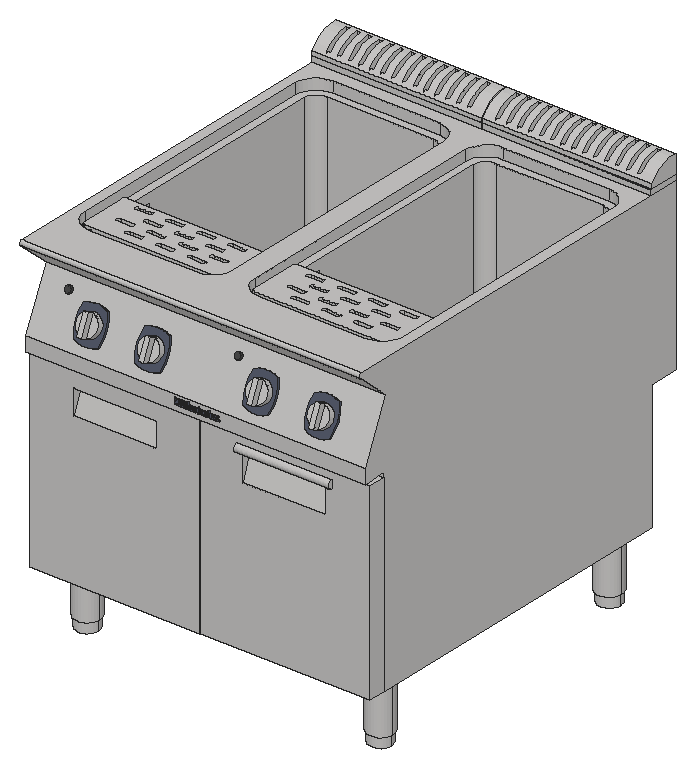
Revit family "QF_ELECTROLUXPROFESSIONAL_391204_E9PCEH2MF2", category Specialty Equipment, Revit 2018 (continued)
Lines and regions (mm)
  symbolic lines
    curve 230: line (549.171, -679.267, 0) -> (581.149, -679.267, 0)
    curve 231: arc (581.149, -679.267, 0) -> (586.149, -674.267, 0) -> (581.149, -669.267, 0) r 5
    curve 232: line (581.149, -669.267, 0) -> (549.171, -669.267, 0)
    curve 233: arc (549.171, -669.267, 0) -> (544.171, -674.267, 0) -> (549.171, -679.267, 0) r 5
    curve 234: line (507.815, -669.267, 0) -> (475.837, -669.267, 0)
    curve 235: arc (475.837, -669.267, 0) -> (470.837, -674.267, 0) -> (475.837, -679.267, 0) r 5
    curve 236: line (475.837, -679.267, 0) -> (507.815, -679.267, 0)
    curve 237: arc (507.815, -679.267, 0) -> (512.815, -674.267, 0) -> (507.815, -669.267, 0) r 5
    curve 238: line (506.26, -706.567, 0) -> (538.238, -706.567, 0)
    curve 239: arc (538.238, -706.567, 0) -> (543.238, -701.567, 0) -> (538.238, -696.567, 0) r 5
    curve 240: line (538.238, -696.567, 0) -> (506.26, -696.567, 0)
    curve 241: arc (506.26, -696.567, 0) -> (501.26, -701.567, 0) -> (506.26, -706.567, 0) r 5
    curve 242: line (507.815, -724.267, 0) -> (475.837, -724.267, 0)
    curve 243: arc (475.837, -724.267, 0) -> (470.837, -729.267, 0) -> (475.837, -734.267, 0) r 5
    curve 244: line (475.837, -734.267, 0) -> (507.815, -734.267, 0)
    curve 245: arc (507.815, -734.267, 0) -> (512.815, -729.267, 0) -> (507.815, -724.267, 0) r 5
    curve 246: line (538.238, -751.567, 0) -> (506.26, -751.567, 0)
    curve 247: arc (506.26, -751.567, 0) -> (501.26, -756.567, 0) -> (506.26, -761.567, 0) r 5
    curve 248: line (506.26, -761.567, 0) -> (538.238, -761.567, 0)
    curve 249: arc (538.238, -761.567, 0) -> (543.238, -756.567, 0) -> (538.238, -751.567, 0) r 5
    curve 250: line (581.149, -724.267, 0) -> (549.171, -724.267, 0)
    curve 251: arc (549.171, -724.267, 0) -> (544.171, -729.267, 0) -> (549.171, -734.267, 0) r 5
    curve 252: line (549.171, -734.267, 0) -> (581.149, -734.267, 0)
    curve 253: arc (581.149, -734.267, 0) -> (586.149, -729.267, 0) -> (581.149, -724.267, 0) r 5
    curve 254: line (579.593, -706.567, 0) -> (611.572, -706.567, 0)
    curve 255: arc (611.572, -706.567, 0) -> (616.572, -701.567, 0) -> (611.572, -696.567, 0) r 5
    curve 256: line (611.572, -696.567, 0) -> (579.593, -696.567, 0)
    curve 257: arc (579.593, -696.567, 0) -> (574.593, -701.567, 0) -> (579.593, -706.567, 0) r 5
    curve 258: line (652.927, -706.567, 0) -> (684.905, -706.567, 0)
    curve 259: arc (684.905, -706.567, 0) -> (689.905, -701.567, 0) -> (684.905, -696.567, 0) r 5
    curve 260: line (684.905, -696.567, 0) -> (652.927, -696.567, 0)
    curve 261: arc (652.927, -696.567, 0) -> (647.927, -701.567, 0) -> (652.927, -706.567, 0) r 5
    curve 262: line (727.815, -724.267, 0) -> (695.837, -724.267, 0)
    curve 263: arc (695.837, -724.267, 0) -> (690.837, -729.267, 0) -> (695.837, -734.267, 0) r 5
    curve 264: line (695.837, -734.267, 0) -> (727.815, -734.267, 0)
    curve 265: arc (727.815, -734.267, 0) -> (732.815, -729.267, 0) -> (727.815, -724.267, 0) r 5
    curve 266: line (622.504, -734.267, 0) -> (654.482, -734.267, 0)
    curve 267: arc (654.482, -734.267, 0) -> (659.482, -729.267, 0) -> (654.482, -724.267, 0) r 5
    curve 268: line (654.482, -724.267, 0) -> (622.504, -724.267, 0)
    curve 269: arc (622.504, -724.267, 0) -> (617.504, -729.267, 0) -> (622.504, -734.267, 0) r 5
    curve 270: line (684.905, -751.567, 0) -> (652.927, -751.567, 0)
    curve 271: arc (652.927, -751.567, 0) -> (647.927, -756.567, 0) -> (652.927, -761.567, 0) r 5
    curve 272: line (652.927, -761.567, 0) -> (684.905, -761.567, 0)
    curve 273: arc (684.905, -761.567, 0) -> (689.905, -756.567, 0) -> (684.905, -751.567, 0) r 5
    curve 274: line (611.572, -751.567, 0) -> (579.593, -751.567, 0)
    curve 275: arc (579.593, -751.567, 0) -> (574.593, -756.567, 0) -> (579.593, -761.567, 0) r 5
    curve 276: line (579.593, -761.567, 0) -> (611.572, -761.567, 0)
    curve 277: arc (611.572, -761.567, 0) -> (616.572, -756.567, 0) -> (611.572, -751.567, 0) r 5
    curve 278: line (75, -101.89, 0) -> (325, -101.89, 0)
    curve 279: arc (325, -101.89, 0) -> (360.355, -116.535, 0) -> (375, -151.89, 0) r 50
    curve 280: line (375, -151.89, 0) -> (375, -770, 0)
    curve 281: arc (375, -770, 0) -> (360.355, -805.355, 0) -> (325, -820, 0) r 50
    curve 282: line (325, -820, 0) -> (75, -820, 0)
    curve 283: arc (75, -820, 0) -> (39.645, -805.355, 0) -> (25, -770, 0) r 50
    curve 284: line (25, -770, 0) -> (25, -151.89, 0)
    curve 285: arc (25, -151.89, 0) -> (39.645, -116.535, 0) -> (75, -101.89, 0) r 50
    curve 286: line (475, -101.89, 0) -> (725, -101.89, 0)
    curve 287: arc (725, -101.89, 0) -> (760.355, -116.535, 0) -> (775, -151.89, 0) r 50
    curve 288: line (775, -151.89, 0) -> (775, -770, 0)
    curve 289: arc (775, -770, 0) -> (760.355, -805.355, 0) -> (725, -820, 0) r 50
    curve 290: line (725, -820, 0) -> (475, -820, 0)
    curve 291: arc (475, -820, 0) -> (439.645, -805.355, 0) -> (425, -770, 0) r 50
    curve 292: line (425, -770, 0) -> (425, -151.89, 0)
    curve 293: arc (425, -151.89, 0) -> (439.645, -116.535, 0) -> (475, -101.89, 0) r 50
  symbolic lines, style "QF_Door-Drawer Clearances"
    curve 12: arc (403.486, -930, 851) -> (428.46, -1028.108, 851) -> (476.754, -1117.084, 851) r 409.234
    curve 13: line (476.754, -1117.084, 851) -> (800.76, -930, 851)
    curve 14: arc (396.514, -930, 851) -> (371.609, -1027.931, 851) -> (323.468, -1116.774, 851) r 409.234
    curve 15: line (323.468, -1116.774, 851) -> (0, -930, 851)
Dimensions and locks
  equal spacing: plane 3 "LEFT", plane 7 "Center Y", plane 4 "RIGHT"
  "Width": plane 3 "LEFT" to plane 4 "RIGHT"
  equal spacing: plane 5 "FRONT", plane 8 "Center X", plane 1 "BACK"
  "Depth": plane 5 "FRONT" to plane 1 "BACK"
  plane 1 "BACK" to plane 5 "FRONT" = 930 mm
  "Base Height": plane 10 to level
  plane 10 to level = 150 mm
  plane 1 "BACK" to plane 11 = 126 mm
  plane 11 to plane 12 = 674 mm
  plane 5 "FRONT" to plane 1 "BACK" = 930 mm
  plane 4 "RIGHT" to plane 3 "LEFT" = 800 mm
  plane 12 to cut or joined group 1 (Extrusion 1, Extrusion 12, Extrusion 13, Extrusion 14, Extrusion 16, Extrusion 17, Extrusion 18, Extrusion 19, Extrusion 45) = 100 mm
  plane 5 "FRONT" to plane 13 = 358 mm
  curve 1 to plane 3 "LEFT" = 150.019 mm
  plane 4 "RIGHT" to curve 7 = 120 mm
  plane 1 "BACK" to curve 2 = 152 mm
  "Height": plane 9 "TOP A" to level
  plane 6 "TOP" to level = 908 mm
  Extrusion 35 to plane 1 "BACK" = 710 mm
  Extrusion 34 to plane 1 "BACK" = 592.7 mm
  Extrusion 37 to plane 1 "BACK" = 780 mm
  Extrusion 36 to plane 1 "BACK" = 630 mm
  Extrusion 34 to cut or joined group 1 = 12.7 mm
  Extrusion 36 to cut or joined group 1 = 12.7 mm
  plane 15 to plane 4 "RIGHT" = 55 mm
  plane 14 to plane 15 = 690 mm
  plane 14 to plane 3 "LEFT" = 55 mm
  plane 1 "BACK" to Extrusion 34 = 592.7 mm
  plane 9 "TOP A" to plane 10 = 701 mm
  plane 1 "BACK" to Extrusion 42 = 710 mm
  plane 1 "BACK" to Extrusion 36 = 630 mm
  plane 1 "BACK" to Extrusion 37 = 780 mm
  Extrusion 42 sketch curve to plane 1 "BACK" = 710 mm
  Extrusion 42 sketch curve to plane 4 "RIGHT" = 50 mm
  plane 3 "LEFT" to Extrusion 34 sketch curve = 90 mm
  Extrusion 34 sketch curve to plane 1 "BACK" = 592.7 mm
  plane 3 "LEFT" to Extrusion 35 sketch curve = 50 mm
  Extrusion 35 sketch curve to plane 1 "BACK" = 710 mm
  Extrusion 36 sketch curve to plane 4 "RIGHT" = 50 mm
  Extrusion 36 sketch curve to plane 1 "BACK" = 630 mm
  aligned and locked: level to plane 2
Automatic sketch dimensions
  plane 3 "LEFT" to curve 152 = 25 mm
  curve 151 to curve 150 = 10 mm
  curve 153 to curve 154 = 10 mm
  plane 14 to curve 200 = 17.185 mm
  plane 14 to curve 158 = 17.185 mm
  curve 158 to curve 161 = 31.978 mm
  curve 200 to curve 200 = 31.978 mm
  curve 199 to curve 209 = 10.932 mm
  curve 198 to curve 194 = 10.932 mm
  curve 206 to curve 202 = 30.423 mm
  curve 196 to curve 164 = 30.423 mm
  curve 203 to curve 206 = 1.555 mm
  curve 163 to curve 197 = 1.555 mm
  curve 203 to curve 205 = 31.978 mm
  curve 162 to curve 162 = 31.978 mm
  curve 205 to curve 210 = 10.932 mm
  curve 165 to curve 191 = 10.932 mm
  curve 192 to curve 167 = 30.423 mm
  curve 167 to curve 193 = 1.555 mm
  curve 189 to curve 210 = 1.555 mm
  curve 186 to curve 186 = 31.978 mm
  curve 166 to curve 166 = 31.978 mm
  curve 187 to curve 182 = 10.932 mm
  curve 186 to curve 175 = 10.932 mm
  curve 182 to curve 181 = 30.423 mm
  curve 176 to curve 170 = 30.423 mm
  curve 178 to curve 177 = 1.555 mm
  curve 181 to curve 182 = 1.555 mm
  curve 172 to curve 171 = 31.978 mm
  curve 178 to curve 178 = 31.978 mm
  curve 157 to plane 7 "Center Y" = 35 mm
  curve 157 to curve 156 = 10 mm
  plane 7 "Center Y" to curve 220 = 25 mm
  curve 220 to curve 221 = 10 mm
  curve 220 to curve 218 = 10 mm
  curve 221 to curve 236 = 40.837 mm
  curve 235 to curve 240 = 30.423 mm
  curve 243 to curve 246 = 30.423 mm
  curve 240 to curve 237 = 1.555 mm
  curve 241 to curve 242 = 1.555 mm
  curve 247 to curve 249 = 31.978 mm
  curve 240 to curve 240 = 31.978 mm
  curve 239 to curve 251 = 10.932 mm
  curve 240 to curve 230 = 10.932 mm
  curve 251 to curve 274 = 30.423 mm
  curve 233 to curve 257 = 30.423 mm
  curve 256 to curve 231 = 1.555 mm
  curve 257 to curve 253 = 1.555 mm
  curve 274 to curve 277 = 31.978 mm
  curve 256 to curve 229 = 10.932 mm
  curve 274 to curve 266 = 10.932 mm
  curve 268 to curve 261 = 30.423 mm
  curve 269 to curve 270 = 30.423 mm
  curve 261 to curve 268 = 1.555 mm
  curve 260 to curve 227 = 1.555 mm
  curve 270 to curve 270 = 31.978 mm
  curve 258 to curve 258 = 31.978 mm
  curve 260 to curve 225 = 10.932 mm
  curve 259 to curve 262 = 10.932 mm
  plane 15 to curve 265 = 17.185 mm
  plane 15 to curve 224 = 17.185 mm
  curve 215 to plane 15 = 20 mm
  curve 215 to curve 216 = 10 mm
  curve 185 to plane 12 = 38.433 mm
  curve 211 to plane 12 = 38.433 mm
  curve 273 to plane 12 = 38.433 mm
  curve 275 to plane 12 = 38.433 mm
  curve 209 to plane 12 = 38.433 mm
  curve 248 to curve 249 = 5 mm
  curve 276 to curve 277 = 5 mm
  curve 212 to curve 211 = 5 mm
  curve 208 to curve 207 = 5 mm
  curve 272 to curve 273 = 5 mm
  curve 184 to curve 185 = 5 mm
  curve 246 to curve 244 = 17.3 mm
  curve 246 to curve 251 = 17.3 mm
  curve 210 to curve 205 = 17.3 mm
  curve 210 to curve 189 = 17.3 mm
  curve 182 to curve 179 = 17.3 mm
  curve 270 to curve 263 = 17.3 mm
  curve 274 to curve 266 = 17.3 mm
  curve 200 to curve 201 = 5 mm
  curve 252 to curve 251 = 5 mm
  curve 188 to curve 187 = 5 mm
  curve 202 to curve 205 = 5 mm
  curve 180 to curve 181 = 5 mm
  curve 264 to curve 263 = 5 mm
  curve 266 to curve 269 = 5 mm
  curve 244 to curve 245 = 5 mm
  curve 250 to curve 254 = 17.7 mm
  curve 186 to curve 174 = 17.7 mm
  curve 198 to curve 194 = 17.7 mm
  curve 186 to curve 193 = 17.7 mm
  curve 250 to curve 239 = 17.7 mm
  curve 268 to curve 261 = 17.7 mm
  curve 238 to curve 239 = 5 mm
  curve 258 to curve 261 = 5 mm
  curve 174 to curve 175 = 5 mm
  curve 194 to curve 197 = 5 mm
  curve 190 to curve 191 = 5 mm
  curve 254 to curve 255 = 5 mm
  curve 240 to curve 230 = 17.3 mm
  curve 192 to curve 167 = 17.3 mm
  curve 192 to curve 165 = 17.3 mm
  curve 260 to curve 222 = 17.3 mm
  curve 256 to curve 226 = 17.3 mm
  curve 240 to curve 235 = 17.3 mm
  curve 196 to curve 158 = 17.3 mm
  curve 176 to curve 173 = 17.3 mm
  curve 172 to curve 173 = 5 mm
  curve 230 to curve 231 = 5 mm
  curve 166 to curve 167 = 5 mm
  curve 162 to curve 163 = 5 mm
  curve 226 to curve 229 = 5 mm
  curve 222 to curve 223 = 5 mm
  curve 158 to curve 161 = 5 mm
  curve 236 to curve 235 = 5 mm
  curve 170 to curve 156 = 3.756 mm
  curve 224 to curve 215 = 3.756 mm
  plane 5 "FRONT" to curve 13 = 0 mm
  curve 9 to plane 4 "RIGHT" = 0 mm
  plane 12 to curve 132 = 0 mm
  plane 5 "FRONT" to curve 12 = 0 mm
  curve 9 to plane 7 "Center Y" = 0 mm
  curve 10 to plane 7 "Center Y" = 0 mm
  plane 1 "BACK" to curve 6 = 0 mm
  curve 6 to plane 7 "Center Y" = 0 mm
  plane 12 to curve 142 = 0 mm
  curve 3 to plane 3 "LEFT" = 0 mm
  plane 4 "RIGHT" to curve 12 = 9.515 mm
  plane 4 "RIGHT" to curve 13 = 0.76 mm
  curve 75 to plane 15 = 25.297 mm
  curve 74 to curve 73 = 9.296 mm
  curve 130 to plane 15 = 10 mm
  plane 15 to curve 79 = 0.191 mm
  curve 76 to curve 76 = 9.296 mm
  plane 15 to curve 149 = 20 mm
  plane 15 to curve 131 = 20 mm
  curve 129 to plane 11 = 4.11 mm
  plane 15 to curve 129 = 20 mm
  curve 76 to curve 83 = 16.193 mm
  curve 82 to curve 81 = 9.296 mm
  curve 80 to curve 87 = 16.193 mm
  curve 86 to curve 85 = 9.296 mm
  plane 1 "BACK" to curve 91 = 6.761 mm
  curve 85 to curve 91 = 16.193 mm
  curve 88 to curve 89 = 9.296 mm
  plane 1 "BACK" to curve 95 = 6.761 mm
  curve 89 to curve 95 = 17.193 mm
  curve 94 to curve 94 = 9.296 mm
  plane 1 "BACK" to curve 99 = 6.761 mm
  curve 93 to curve 99 = 16.193 mm
  curve 98 to curve 98 = 9.296 mm
  plane 1 "BACK" to curve 103 = 6.761 mm
  curve 97 to curve 103 = 16.193 mm
  curve 102 to curve 102 = 9.296 mm
  plane 1 "BACK" to curve 106 = 6.761 mm
  curve 101 to curve 106 = 16.193 mm
  curve 104 to curve 105 = 9.296 mm
  curve 104 to curve 108 = 16.193 mm
  curve 110 to curve 110 = 9.296 mm
  plane 1 "BACK" to curve 115 = 6.761 mm
  curve 109 to curve 115 = 16.193 mm
  curve 114 to curve 114 = 9.296 mm
  plane 1 "BACK" to curve 119 = 6.761 mm
  curve 113 to curve 119 = 16.193 mm
  curve 118 to curve 118 = 9.296 mm
  plane 7 "Center Y" to curve 12 = 76.754 mm
  plane 7 "Center Y" to curve 148 = 75 mm
  plane 7 "Center Y" to curve 132 = 75 mm
  plane 11 to curve 135 = 25.89 mm
  plane 7 "Center Y" to curve 135 = 75 mm
  curve 116 to curve 120 = 16.193 mm
  curve 120 to curve 121 = 9.296 mm
  curve 120 to curve 127 = 16.193 mm
  curve 126 to curve 125 = 9.296 mm
  plane 7 "Center Y" to curve 12 = 3.486 mm
  curve 4 to curve 14 = 3.486 mm
  curve 68 to plane 7 "Center Y" = 29.653 mm
  curve 68 to curve 68 = 9.296 mm
  curve 139 to plane 7 "Center Y" = 45 mm
  curve 68 to curve 65 = 16.193 mm
  curve 64 to curve 67 = 9.296 mm
  curve 146 to curve 146 = 30 mm
  curve 139 to plane 11 = 4.11 mm
  curve 139 to curve 139 = 30 mm
  curve 140 to curve 142 = 30 mm
  curve 15 to plane 7 "Center Y" = 76.532 mm
  plane 1 "BACK" to curve 62 = 6.761 mm
  curve 66 to curve 62 = 16.193 mm
  curve 61 to curve 62 = 9.296 mm
  plane 1 "BACK" to curve 57 = 6.761 mm
  curve 62 to curve 57 = 16.193 mm
  curve 56 to curve 59 = 9.296 mm
  plane 1 "BACK" to curve 53 = 6.761 mm
  curve 58 to curve 53 = 16.193 mm
  curve 53 to curve 54 = 9.296 mm
  curve 52 to curve 48 = 16.193 mm
  curve 49 to curve 51 = 9.296 mm
  curve 48 to curve 45 = 16.193 mm
  curve 45 to curve 47 = 9.296 mm
  curve 44 to curve 41 = 16.193 mm
  curve 40 to curve 43 = 9.296 mm
  curve 40 to curve 37 = 16.193 mm
  curve 37 to curve 39 = 9.296 mm
  curve 36 to curve 33 = 16.193 mm
  curve 32 to curve 35 = 9.296 mm
  plane 1 "BACK" to curve 29 = 6.761 mm
  curve 34 to curve 29 = 16.193 mm
  curve 29 to curve 31 = 9.296 mm
  curve 28 to curve 24 = 16.193 mm
  curve 25 to curve 26 = 9.296 mm
  plane 14 to curve 145 = 20 mm
  plane 14 to curve 143 = 20 mm
  plane 14 to curve 138 = 20 mm
  plane 14 to curve 21 = 9.487 mm
  plane 14 to curve 23 = 0.191 mm
  curve 136 to plane 14 = 10 mm
  curve 17 to plane 14 = 16.001 mm
  curve 17 to curve 19 = 9.296 mm
  curve 14 to plane 3 "LEFT" = 9.515 mm
  plane 1 "BACK" to curve 123 = 6.761 mm
  plane 1 "BACK" to curve 125 = 6.761 mm
  plane 1 "BACK" to curve 111 = 6.761 mm
  plane 1 "BACK" to curve 17 = 6.761 mm
  plane 1 "BACK" to curve 21 = 6.761 mm
  plane 1 "BACK" to curve 25 = 6.761 mm
  plane 1 "BACK" to curve 33 = 6.761 mm
  plane 1 "BACK" to curve 87 = 6.761 mm
  plane 1 "BACK" to curve 37 = 6.761 mm
  plane 1 "BACK" to curve 83 = 6.761 mm
  plane 1 "BACK" to curve 41 = 6.761 mm
  plane 1 "BACK" to curve 79 = 6.761 mm
  plane 1 "BACK" to curve 45 = 6.761 mm
  plane 1 "BACK" to curve 75 = 6.761 mm
  plane 1 "BACK" to curve 49 = 6.761 mm
  plane 1 "BACK" to curve 71 = 6.761 mm
  plane 1 "BACK" to curve 67 = 6.761 mm
  curve 62 to curve 60 = 57.15 mm
  curve 59 to curve 60 = 0 mm
  curve 60 to curve 64 = 0 mm
  curve 55 to curve 56 = 0 mm
  curve 64 to curve 68 = 0 mm
  curve 51 to curve 52 = 0 mm
  curve 73 to curve 72 = 57.15 mm
  curve 47 to curve 48 = 0 mm
  curve 76 to curve 72 = 0 mm
  curve 43 to curve 44 = 0 mm
  curve 80 to curve 76 = 0 mm
  curve 39 to curve 40 = 0 mm
  curve 84 to curve 80 = 0 mm
  curve 35 to curve 36 = 0 mm
  curve 88 to curve 84 = 0 mm
  curve 31 to curve 32 = 0 mm
  curve 92 to curve 88 = 0 mm
  curve 27 to curve 28 = 0 mm
  curve 96 to curve 92 = 0 mm
  curve 23 to curve 24 = 0 mm
  curve 100 to curve 96 = 0 mm
  curve 19 to curve 20 = 0 mm
  curve 104 to curve 100 = 0 mm
  curve 126 to curve 127 = 57.15 mm
  curve 108 to curve 104 = 0 mm
  curve 124 to curve 123 = 0 mm
  curve 112 to curve 108 = 0 mm
  curve 119 to curve 112 = 0 mm
  curve 124 to curve 10 = 7.979 mm
  curve 149 to plane 8 "Center X" = 141.643 mm
  curve 146 to curve 148 = 0 mm
  curve 14 to plane 5 "FRONT" = 51.124 mm
  curve 12 to plane 5 "FRONT" = 51.124 mm
  plane 5 "FRONT" to curve 7 = 1.377 mm
  plane 5 "FRONT" to curve 1 = 1.377 mm
  Extrusion 1 sketch curve to plane 9 "TOP A" = 0 mm
  Extrusion 1 sketch curve to plane 10 = 0 mm  (x2)
  Extrusion 1 sketch curve to plane 1 "BACK" = 0 mm
  Extrusion 1 sketch curve to plane 11 = 56 mm
  plane 12 to Extrusion 1 sketch curve = 52.034 mm
  plane 12 to Extrusion 1 sketch curve = 58.773 mm
  Extrusion 1 sketch curve to Extrusion 1 sketch curve = 1.588 mm
  Extrusion 1 sketch curve to plane 5 "FRONT" = 30 mm
  Extrusion 1 sketch curve to plane 5 "FRONT" = 17.855 mm
  Extrusion 1 sketch curve to plane 5 "FRONT" = 6.35 mm
  Extrusion 1 sketch curve to plane 5 "FRONT" = 1.86 mm
  plane 10 to Extrusion 1 sketch curve = 301.762 mm
  Extrusion 1 sketch curve to plane 9 "TOP A" = 249.238 mm
  Extrusion 1 sketch curve to Extrusion 1 sketch curve = 7.09 mm
  Extrusion 1 sketch curve to Extrusion 1 sketch curve = 12.7 mm
  Extrusion 1 sketch curve to Extrusion 1 sketch curve = 34.039 mm
  Extrusion 1 sketch curve to plane 9 "TOP A" = 77.505 mm
  Extrusion 1 sketch curve to plane 9 "TOP A" = 10.84 mm
  plane 5 "FRONT" to Extrusion 2 sketch curve = 0 mm  (x2)
  plane 1 "BACK" to Extrusion 2 sketch curve = 0 mm
  Extrusion 2 sketch curve to plane 3 "LEFT" = 0 mm
  Extrusion 2 sketch curve to plane 4 "RIGHT" = 0 mm
  Extrusion 2 sketch curve to plane 3 "LEFT" = 150.019 mm
  plane 4 "RIGHT" to Extrusion 2 sketch curve = 120 mm
  Extrusion 2 sketch curve to plane 1 "BACK" = 152 mm
  Extrusion 3 sketch curve to plane 3 "LEFT" = 0 mm
  Extrusion 3 sketch curve to plane 13 = 0 mm
  Extrusion 3 sketch curve to plane 3 "LEFT" = 9.515 mm
  Extrusion 3 sketch curve to plane 7 "Center Y" = 0.826 mm
  Extrusion 3 sketch curve to plane 5 "FRONT" = 30 mm
  Extrusion 4 sketch curve to plane 4 "RIGHT" = 0 mm
  Extrusion 4 sketch curve to plane 13 = 0 mm
  plane 4 "RIGHT" to Extrusion 4 sketch curve = 9.515 mm
  plane 7 "Center Y" to Extrusion 4 sketch curve = 0.826 mm
  Extrusion 4 sketch curve to plane 5 "FRONT" = 30 mm
  Extrusion 5 sketch curve to Extrusion 1 = 8.846 mm
  Extrusion 5 sketch curve to Extrusion 1 = 13.887 mm
  Extrusion 5 sketch curve to Extrusion 1 = 13.906 mm
  Extrusion 5 sketch curve to Extrusion 5 sketch curve = 0 mm  (x28)
  Extrusion 5 sketch curve to Extrusion 5 sketch curve = 5.108 mm
  Extrusion 5 sketch curve to Extrusion 5 sketch curve = 0.054 mm
  Extrusion 5 sketch curve to Extrusion 5 sketch curve = 0.218 mm
  Extrusion 5 sketch curve to Extrusion 5 sketch curve = 0.195 mm
  Extrusion 5 sketch curve to Extrusion 5 sketch curve = 0.249 mm
  Extrusion 5 sketch curve to Extrusion 1 = 14.203 mm
  Extrusion 5 sketch curve to Extrusion 5 sketch curve = 0.087 mm
  Extrusion 5 sketch curve to Extrusion 5 sketch curve = 0.358 mm
  Extrusion 5 sketch curve to Extrusion 5 sketch curve = 0.481 mm
  Extrusion 5 sketch curve to Extrusion 5 sketch curve = 0.597 mm
  Extrusion 5 sketch curve to Extrusion 5 sketch curve = 0.544 mm
  Extrusion 5 sketch curve to Extrusion 5 sketch curve = 0.936 mm
  Extrusion 5 sketch curve to Extrusion 5 sketch curve = 0.594 mm
  Extrusion 5 sketch curve to Extrusion 5 sketch curve = 0.343 mm
  Extrusion 5 sketch curve to Extrusion 5 sketch curve = 0.159 mm
  Extrusion 5 sketch curve to Extrusion 5 sketch curve = 0.826 mm
  Extrusion 5 sketch curve to Extrusion 5 sketch curve = 0.839 mm
  Extrusion 5 sketch curve to Extrusion 5 sketch curve = 0.852 mm
  Extrusion 5 sketch curve to Extrusion 5 sketch curve = 0.887 mm
  Extrusion 5 sketch curve to Extrusion 5 sketch curve = 0.928 mm
  Extrusion 5 sketch curve to Extrusion 5 sketch curve = 0.938 mm
  Extrusion 5 sketch curve to Extrusion 5 sketch curve = 0.444 mm
  Extrusion 5 sketch curve to Extrusion 5 sketch curve = 1.11 mm  (x3)
  Extrusion 5 sketch curve to Extrusion 5 sketch curve = 0.215 mm
  Extrusion 5 sketch curve to Extrusion 5 sketch curve = 1.43 mm
  Extrusion 5 sketch curve to Extrusion 5 sketch curve = 1.188 mm
  Extrusion 5 sketch curve to Extrusion 5 sketch curve = 1.21 mm  (x2)
  Extrusion 5 sketch curve to Extrusion 5 sketch curve = 0.503 mm
  Extrusion 5 sketch curve to Extrusion 5 sketch curve = 0.488 mm
  Extrusion 5 sketch curve to Extrusion 5 sketch curve = 0.462 mm
  Extrusion 5 sketch curve to Extrusion 5 sketch curve = 1.386 mm
  Extrusion 5 sketch curve to Extrusion 5 sketch curve = 1.742 mm  (x2)
  Extrusion 5 sketch curve to Extrusion 5 sketch curve = 0.821 mm
  Extrusion 5 sketch curve to Extrusion 5 sketch curve = 0.497 mm
  Extrusion 5 sketch curve to Extrusion 5 sketch curve = 0.539 mm
  Extrusion 5 sketch curve to Extrusion 5 sketch curve = 0.199 mm
  Extrusion 5 sketch curve to Extrusion 5 sketch curve = 0.408 mm
  Extrusion 5 sketch curve to Extrusion 5 sketch curve = 0.528 mm
  Extrusion 5 sketch curve to Extrusion 5 sketch curve = 1.16 mm
  Extrusion 5 sketch curve to Extrusion 5 sketch curve = 0.329 mm
  Extrusion 5 sketch curve to Extrusion 5 sketch curve = 1.054 mm
  Extrusion 5 sketch curve to Extrusion 5 sketch curve = 1.056 mm
  Extrusion 5 sketch curve to Extrusion 5 sketch curve = 0.129 mm
  Extrusion 5 sketch curve to Extrusion 5 sketch curve = 0.489 mm
  Extrusion 5 sketch curve to Extrusion 5 sketch curve = 0.441 mm
  Extrusion 5 sketch curve to Extrusion 5 sketch curve = 1.151 mm
  Extrusion 5 sketch curve to Extrusion 5 sketch curve = 1.141 mm  (x2)
  Extrusion 5 sketch curve to Extrusion 5 sketch curve = 0.768 mm
  Extrusion 5 sketch curve to Extrusion 5 sketch curve = 1.653 mm
  Extrusion 5 sketch curve to Extrusion 5 sketch curve = 0.499 mm
  Extrusion 5 sketch curve to Extrusion 5 sketch curve = 0.964 mm
  Extrusion 5 sketch curve to Extrusion 5 sketch curve = 0.949 mm
  Extrusion 5 sketch curve to Extrusion 5 sketch curve = 1.345 mm  (x3)
  Extrusion 5 sketch curve to Extrusion 5 sketch curve = 1.101 mm
  Extrusion 5 sketch curve to Extrusion 5 sketch curve = 0.432 mm
  Extrusion 5 sketch curve to Extrusion 5 sketch curve = 1.142 mm
  Extrusion 5 sketch curve to Extrusion 5 sketch curve = 0.959 mm
  Extrusion 5 sketch curve to Extrusion 5 sketch curve = 0.176 mm
  Extrusion 5 sketch curve to Extrusion 5 sketch curve = 0.728 mm
  Extrusion 5 sketch curve to Extrusion 5 sketch curve = 3.375 mm  (x2)
  Extrusion 5 sketch curve to Extrusion 5 sketch curve = 0.541 mm
  Extrusion 5 sketch curve to Extrusion 5 sketch curve = 0.955 mm
  Extrusion 5 sketch curve to Extrusion 5 sketch curve = 1.251 mm
  Extrusion 5 sketch curve to Extrusion 5 sketch curve = 0.572 mm
  Extrusion 5 sketch curve to Extrusion 5 sketch curve = 1.92 mm
  Extrusion 5 sketch curve to Extrusion 5 sketch curve = 1.224 mm
  Extrusion 5 sketch curve to Extrusion 5 sketch curve = 0.745 mm
  Extrusion 5 sketch curve to Extrusion 5 sketch curve = 2.537 mm
  Extrusion 5 sketch curve to Extrusion 5 sketch curve = 0.896 mm  (x3)
  Extrusion 5 sketch curve to Extrusion 5 sketch curve = 0.036 mm
  Extrusion 5 sketch curve to Extrusion 5 sketch curve = 2.607 mm
  Extrusion 5 sketch curve to Extrusion 5 sketch curve = 0.066 mm
  Extrusion 5 sketch curve to Extrusion 5 sketch curve = 0.248 mm
  Extrusion 5 sketch curve to Extrusion 5 sketch curve = 0.449 mm
  Extrusion 5 sketch curve to Extrusion 5 sketch curve = 1.052 mm
  Extrusion 5 sketch curve to Extrusion 5 sketch curve = 1.863 mm
  Extrusion 5 sketch curve to Extrusion 5 sketch curve = 1.31 mm  (x2)
  Extrusion 5 sketch curve to Extrusion 5 sketch curve = 0.901 mm
  Extrusion 5 sketch curve to Extrusion 5 sketch curve = 1.107 mm
  Extrusion 5 sketch curve to Extrusion 5 sketch curve = 2.122 mm
  Extrusion 5 sketch curve to Extrusion 5 sketch curve = 2.101 mm
  Extrusion 5 sketch curve to Extrusion 5 sketch curve = 0.106 mm
  Extrusion 5 sketch curve to Extrusion 5 sketch curve = 0.029 mm
  Extrusion 5 sketch curve to Extrusion 5 sketch curve = 2.09 mm
  Extrusion 5 sketch curve to Extrusion 5 sketch curve = 1.279 mm
  Extrusion 5 sketch curve to Extrusion 5 sketch curve = 2.008 mm
  Extrusion 5 sketch curve to Extrusion 5 sketch curve = 0.738 mm
  Extrusion 5 sketch curve to Extrusion 5 sketch curve = 0.382 mm
  Extrusion 5 sketch curve to Extrusion 5 sketch curve = 0.384 mm
  Extrusion 5 sketch curve to Extrusion 5 sketch curve = 0.002 mm
  Extrusion 5 sketch curve to Extrusion 5 sketch curve = 0.561 mm
  Extrusion 5 sketch curve to Extrusion 5 sketch curve = 0.592 mm
  Extrusion 5 sketch curve to Extrusion 5 sketch curve = 2.692 mm
  Extrusion 5 sketch curve to Extrusion 5 sketch curve = 1.259 mm
  Extrusion 5 sketch curve to Extrusion 5 sketch curve = 0.802 mm
  Extrusion 5 sketch curve to Extrusion 5 sketch curve = 1.024 mm  (x2)
  Extrusion 5 sketch curve to Extrusion 5 sketch curve = 0.682 mm
  Extrusion 5 sketch curve to Extrusion 5 sketch curve = 5.934 mm
  Extrusion 5 sketch curve to Extrusion 5 sketch curve = 2.186 mm
  Extrusion 5 sketch curve to Extrusion 5 sketch curve = 0.337 mm
  Extrusion 5 sketch curve to Extrusion 5 sketch curve = 0.021 mm
  Extrusion 5 sketch curve to Extrusion 5 sketch curve = 1.005 mm
  Extrusion 5 sketch curve to Extrusion 5 sketch curve = 0.552 mm
  Extrusion 5 sketch curve to Extrusion 5 sketch curve = 0.778 mm
  Extrusion 5 sketch curve to Extrusion 5 sketch curve = 0.063 mm
  Extrusion 5 sketch curve to Extrusion 5 sketch curve = 1.023 mm
  Extrusion 5 sketch curve to Extrusion 5 sketch curve = 3.804 mm
  Extrusion 5 sketch curve to Extrusion 5 sketch curve = 0.486 mm
  Extrusion 5 sketch curve to Extrusion 5 sketch curve = 0.266 mm
  Extrusion 5 sketch curve to Extrusion 5 sketch curve = 1.547 mm
  Extrusion 5 sketch curve to Extrusion 5 sketch curve = 0.717 mm  (x2)
  Extrusion 5 sketch curve to Extrusion 5 sketch curve = 1.667 mm
  Extrusion 5 sketch curve to Extrusion 5 sketch curve = 3.174 mm
  Extrusion 5 sketch curve to Extrusion 5 sketch curve = 0.388 mm
  Extrusion 5 sketch curve to Extrusion 5 sketch curve = 1.342 mm
  Extrusion 5 sketch curve to Extrusion 5 sketch curve = 1.521 mm
  Extrusion 5 sketch curve to Extrusion 5 sketch curve = 0.124 mm
  Extrusion 5 sketch curve to Extrusion 5 sketch curve = 0.291 mm
  Extrusion 5 sketch curve to Extrusion 5 sketch curve = 1.049 mm  (x2)
  Extrusion 5 sketch curve to Extrusion 5 sketch curve = 1.7 mm
  Extrusion 5 sketch curve to Extrusion 5 sketch curve = 0.894 mm
  Extrusion 5 sketch curve to Extrusion 5 sketch curve = 0.989 mm
  Extrusion 5 sketch curve to Extrusion 5 sketch curve = 1.168 mm
  Extrusion 5 sketch curve to Extrusion 5 sketch curve = 1.594 mm
  Extrusion 5 sketch curve to Extrusion 5 sketch curve = 0.731 mm
  Extrusion 5 sketch curve to Extrusion 5 sketch curve = 1.566 mm
  Extrusion 5 sketch curve to Extrusion 5 sketch curve = 0.064 mm
  Extrusion 5 sketch curve to Extrusion 5 sketch curve = 0.556 mm  (x2)
  Extrusion 5 sketch curve to Extrusion 5 sketch curve = 0.48 mm
  Extrusion 5 sketch curve to Extrusion 5 sketch curve = 1.018 mm
  Extrusion 5 sketch curve to Extrusion 5 sketch curve = 0.787 mm
  Extrusion 5 sketch curve to Extrusion 5 sketch curve = 0.618 mm
  Extrusion 5 sketch curve to Extrusion 5 sketch curve = 1.672 mm
  Extrusion 5 sketch curve to Extrusion 5 sketch curve = 1.361 mm
  Extrusion 5 sketch curve to Extrusion 5 sketch curve = 0.822 mm
  Extrusion 5 sketch curve to Extrusion 5 sketch curve = 0.069 mm
  Extrusion 5 sketch curve to Extrusion 5 sketch curve = 1.88 mm
  Extrusion 5 sketch curve to Extrusion 5 sketch curve = 0.42 mm
  Extrusion 5 sketch curve to Extrusion 5 sketch curve = 0.062 mm
  Extrusion 5 sketch curve to Extrusion 5 sketch curve = 1.355 mm
  Extrusion 5 sketch curve to Extrusion 5 sketch curve = 2.34 mm
  Extrusion 5 sketch curve to Extrusion 5 sketch curve = 0.493 mm
  Extrusion 5 sketch curve to Extrusion 5 sketch curve = 0.136 mm
  Extrusion 5 sketch curve to Extrusion 5 sketch curve = 0.128 mm
  Extrusion 5 sketch curve to Extrusion 5 sketch curve = 3.616 mm
  Extrusion 5 sketch curve to Extrusion 5 sketch curve = 4.207 mm
  Extrusion 5 sketch curve to Extrusion 5 sketch curve = 0.183 mm
  Extrusion 5 sketch curve to Extrusion 5 sketch curve = 0.895 mm
  Extrusion 5 sketch curve to Extrusion 5 sketch curve = 1.314 mm
  Extrusion 5 sketch curve to Extrusion 5 sketch curve = 3.231 mm
  Extrusion 5 sketch curve to Extrusion 5 sketch curve = 1.299 mm
  Extrusion 5 sketch curve to Extrusion 5 sketch curve = 1.214 mm
  Extrusion 5 sketch curve to Extrusion 5 sketch curve = 1.264 mm
  Extrusion 5 sketch curve to Extrusion 5 sketch curve = 0.109 mm
  Extrusion 5 sketch curve to Extrusion 5 sketch curve = 0.357 mm
  Extrusion 5 sketch curve to Extrusion 5 sketch curve = 0.565 mm
  Extrusion 5 sketch curve to Extrusion 5 sketch curve = 2.504 mm
  Extrusion 5 sketch curve to Extrusion 5 sketch curve = 2.459 mm
  Extrusion 1 to Extrusion 5 sketch curve = 5.127 mm
  Extrusion 1 to Extrusion 5 sketch curve = 343.464 mm
  Extrusion 5 sketch curve to Extrusion 5 sketch curve = 0.208 mm
  Extrusion 5 sketch curve to Extrusion 5 sketch curve = 0.468 mm  (x2)
  Extrusion 5 sketch curve to Extrusion 5 sketch curve = 1.559 mm
  Extrusion 5 sketch curve to Extrusion 5 sketch curve = 0.422 mm  (x2)
  Extrusion 5 sketch curve to Extrusion 5 sketch curve = 0.494 mm
  Extrusion 5 sketch curve to Extrusion 5 sketch curve = 3.927 mm
  Extrusion 5 sketch curve to Extrusion 5 sketch curve = 0.782 mm
  Extrusion 5 sketch curve to Extrusion 5 sketch curve = 1.268 mm
  Extrusion 5 sketch curve to Extrusion 5 sketch curve = 0.671 mm
  Extrusion 5 sketch curve to Extrusion 5 sketch curve = 0.777 mm
  Extrusion 5 sketch curve to Extrusion 5 sketch curve = 0.704 mm
  Extrusion 5 sketch curve to Extrusion 5 sketch curve = 0.781 mm  (x2)
  Extrusion 5 sketch curve to Extrusion 5 sketch curve = 1.634 mm
  Extrusion 5 sketch curve to Extrusion 5 sketch curve = 0.132 mm
  Extrusion 5 sketch curve to Extrusion 5 sketch curve = 3.136 mm
  Extrusion 5 sketch curve to Extrusion 5 sketch curve = 2.422 mm
  Extrusion 5 sketch curve to Extrusion 5 sketch curve = 0.586 mm
  Extrusion 5 sketch curve to Extrusion 5 sketch curve = 2.046 mm  (x2)
  Extrusion 5 sketch curve to Extrusion 5 sketch curve = 1.241 mm
  Extrusion 5 sketch curve to Extrusion 5 sketch curve = 1.689 mm
  Extrusion 5 sketch curve to Extrusion 5 sketch curve = 2.859 mm
  Extrusion 5 sketch curve to Extrusion 5 sketch curve = 0.627 mm
  Extrusion 5 sketch curve to Extrusion 5 sketch curve = 0.863 mm
  Extrusion 5 sketch curve to Extrusion 5 sketch curve = 0.419 mm
  Extrusion 5 sketch curve to Extrusion 5 sketch curve = 1.514 mm
  Extrusion 5 sketch curve to Extrusion 5 sketch curve = 1.019 mm
  Extrusion 5 sketch curve to Extrusion 5 sketch curve = 0.065 mm
  Extrusion 5 sketch curve to Extrusion 5 sketch curve = 1.215 mm
  Extrusion 5 sketch curve to Extrusion 5 sketch curve = 2.708 mm
  Extrusion 5 sketch curve to Extrusion 5 sketch curve = 1.122 mm
  Extrusion 5 sketch curve to Extrusion 5 sketch curve = 1.153 mm
  Extrusion 5 sketch curve to Extrusion 5 sketch curve = 3.009 mm
  Extrusion 5 sketch curve to Extrusion 5 sketch curve = 0.829 mm  (x2)
  Extrusion 5 sketch curve to Extrusion 5 sketch curve = 0.934 mm
  Extrusion 5 sketch curve to Extrusion 5 sketch curve = 3.376 mm
  Extrusion 5 sketch curve to Extrusion 5 sketch curve = 0.222 mm
  Extrusion 5 sketch curve to Extrusion 5 sketch curve = 1.383 mm
  Extrusion 5 sketch curve to Extrusion 5 sketch curve = 1.556 mm
  Extrusion 5 sketch curve to Extrusion 5 sketch curve = 2.559 mm
  Extrusion 5 sketch curve to Extrusion 5 sketch curve = 2.51 mm
  Extrusion 5 sketch curve to Extrusion 5 sketch curve = 0.131 mm
  Extrusion 5 sketch curve to Extrusion 5 sketch curve = 1.717 mm
  Extrusion 5 sketch curve to Extrusion 5 sketch curve = 1.134 mm
  Extrusion 5 sketch curve to Extrusion 5 sketch curve = 0.366 mm
  Extrusion 5 sketch curve to Extrusion 5 sketch curve = 0.094 mm
  Extrusion 5 sketch curve to Extrusion 5 sketch curve = 1.584 mm
  Extrusion 5 sketch curve to Extrusion 5 sketch curve = 1.501 mm
  Extrusion 5 sketch curve to Extrusion 5 sketch curve = 0.27 mm
  Extrusion 5 sketch curve to Extrusion 5 sketch curve = 1.808 mm
  Extrusion 5 sketch curve to Extrusion 5 sketch curve = 0.643 mm
  Extrusion 5 sketch curve to Extrusion 5 sketch curve = 0.916 mm
  Extrusion 5 sketch curve to Extrusion 5 sketch curve = 0.352 mm
  Extrusion 5 sketch curve to Extrusion 5 sketch curve = 0.458 mm
  Extrusion 5 sketch curve to Extrusion 5 sketch curve = 1.282 mm
  Extrusion 5 sketch curve to Extrusion 5 sketch curve = 1.363 mm
  Extrusion 5 sketch curve to Extrusion 5 sketch curve = 0.685 mm
  Extrusion 5 sketch curve to Extrusion 5 sketch curve = 0.905 mm
  Extrusion 5 sketch curve to Extrusion 5 sketch curve = 2.865 mm
  Extrusion 5 sketch curve to Extrusion 5 sketch curve = 0.472 mm
  Extrusion 5 sketch curve to Extrusion 5 sketch curve = 0.101 mm
  Extrusion 5 sketch curve to Extrusion 5 sketch curve = 0.54 mm
  Extrusion 5 sketch curve to Extrusion 5 sketch curve = 0.02 mm
  Extrusion 5 sketch curve to Extrusion 5 sketch curve = 0.582 mm
  Extrusion 5 sketch curve to Extrusion 5 sketch curve = 0.166 mm
  Extrusion 5 sketch curve to Extrusion 5 sketch curve = 0.16 mm
  Extrusion 5 sketch curve to Extrusion 5 sketch curve = 2.781 mm
  Extrusion 5 sketch curve to Extrusion 5 sketch curve = 1.118 mm
  Extrusion 5 sketch curve to Extrusion 5 sketch curve = 0.613 mm
  Extrusion 5 sketch curve to Extrusion 5 sketch curve = 0.361 mm
  Extrusion 5 sketch curve to Extrusion 5 sketch curve = 0.897 mm
  Extrusion 5 sketch curve to Extrusion 5 sketch curve = 0.167 mm
  Extrusion 5 sketch curve to Extrusion 5 sketch curve = 0.292 mm
  Extrusion 5 sketch curve to Extrusion 5 sketch curve = 0.305 mm
  Extrusion 5 sketch curve to Extrusion 5 sketch curve = 1.557 mm
  Extrusion 5 sketch curve to Extrusion 5 sketch curve = 2.499 mm
  Extrusion 5 sketch curve to Extrusion 5 sketch curve = 3.062 mm
  Extrusion 5 sketch curve to Extrusion 5 sketch curve = 2.968 mm
  Extrusion 5 sketch curve to Extrusion 5 sketch curve = 5.044 mm
  Extrusion 5 sketch curve to Extrusion 5 sketch curve = 0.629 mm  (x2)
  Extrusion 5 sketch curve to Extrusion 5 sketch curve = 1.131 mm
  Extrusion 5 sketch curve to Extrusion 5 sketch curve = 0.137 mm
  Extrusion 5 sketch curve to Extrusion 5 sketch curve = 0.027 mm
  Extrusion 5 sketch curve to Extrusion 5 sketch curve = 2.235 mm
  Extrusion 6 sketch curve to plane 9 "TOP A" = 0 mm
  Extrusion 6 sketch curve to plane 1 "BACK" = 0 mm
  plane 9 "TOP A" to Extrusion 6 sketch curve = 12.9 mm
  Extrusion 6 sketch curve to plane 11 = 54.11 mm
  Extrusion 7 sketch curve to plane 1 "BACK" = 0 mm
  Extrusion 7 sketch curve to plane 6 "TOP" = 0 mm
  plane 1 "BACK" to Extrusion 7 sketch curve = 4.947 mm
  plane 9 "TOP A" to Extrusion 7 sketch curve = 23.3 mm
  plane 1 "BACK" to Extrusion 7 sketch curve = 69.85 mm
  plane 9 "TOP A" to Extrusion 7 sketch curve = 12.9 mm
  plane 1 "BACK" to Extrusion 8 sketch curve = 6.761 mm  (x14)
  Extrusion 8 sketch curve to Extrusion 8 sketch curve = 57.15 mm
  Extrusion 8 sketch curve to Extrusion 8 sketch curve = 0 mm  (x13)
  Extrusion 8 sketch curve to plane 14 = 25.297 mm
  Extrusion 8 sketch curve to Extrusion 8 sketch curve = 9.296 mm  (x14)
  plane 14 to Extrusion 8 sketch curve = 0.191 mm
  Extrusion 8 sketch curve to Extrusion 8 sketch curve = 16.193 mm  (x12)
  Extrusion 9 sketch curve to plane 9 "TOP A" = 0 mm
  Extrusion 9 sketch curve to plane 1 "BACK" = 0 mm
  plane 9 "TOP A" to Extrusion 9 sketch curve = 12.9 mm
  Extrusion 9 sketch curve to plane 11 = 54.11 mm
  Extrusion 10 sketch curve to plane 1 "BACK" = 0 mm
  Extrusion 10 sketch curve to plane 6 "TOP" = 0 mm
  plane 1 "BACK" to Extrusion 10 sketch curve = 4.947 mm
  plane 9 "TOP A" to Extrusion 10 sketch curve = 23.3 mm
  plane 1 "BACK" to Extrusion 10 sketch curve = 69.85 mm
  plane 9 "TOP A" to Extrusion 10 sketch curve = 12.9 mm
  plane 1 "BACK" to Extrusion 11 sketch curve = 6.761 mm  (x14)
  Extrusion 11 sketch curve to Extrusion 11 sketch curve = 57.15 mm
  Extrusion 11 sketch curve to Extrusion 11 sketch curve = 0 mm  (x13)
  plane 7 "Center Y" to Extrusion 11 sketch curve = 28.653 mm
  Extrusion 11 sketch curve to Extrusion 11 sketch curve = 9.296 mm  (x13)
  Extrusion 11 sketch curve to Extrusion 11 sketch curve = 16.193 mm  (x11)
  plane 15 to Extrusion 11 sketch curve = 9.487 mm
  plane 15 to Extrusion 11 sketch curve = 0.191 mm
  Extrusion 11 sketch curve to plane 15 = 16.001 mm
  Extrusion 12 sketch curve to Extrusion 1 = 0 mm  (x2)
  Extrusion 1 to Extrusion 12 sketch curve = 399.088 mm
  Extrusion 12 sketch curve to Extrusion 12 sketch curve = 1.825 mm
  Extrusion 13 sketch curve to plane 5 "FRONT" = 30 mm
  Extrusion 13 sketch curve to Extrusion 13 sketch curve = 21.813 mm
  Extrusion 13 sketch curve to plane 9 "TOP A" = 346.668 mm
  Extrusion 13 sketch curve to Extrusion 13 sketch curve = 59.93 mm
  Extrusion 14 sketch curve to plane 5 "FRONT" = 30 mm
  Extrusion 14 sketch curve to Extrusion 14 sketch curve = 21.813 mm
  Extrusion 14 sketch curve to plane 9 "TOP A" = 286.738 mm
  Extrusion 14 sketch curve to Extrusion 14 sketch curve = 59.93 mm
  Extrusion 15 sketch curve to plane 5 "FRONT" = 30 mm
  Extrusion 15 sketch curve to plane 9 "TOP A" = 266.833 mm
  Extrusion 15 sketch curve to Extrusion 15 sketch curve = 9.905 mm
  plane 12 to Extrusion 16 sketch curve = 0 mm
  Extrusion 16 sketch curve to plane 14 = 10 mm
  Extrusion 16 sketch curve to Extrusion 16 sketch curve = 0 mm  (x4)
  plane 14 to Extrusion 16 sketch curve = 20 mm  (x2)
  Extrusion 16 sketch curve to plane 7 "Center Y" = 75 mm  (x2)
  Extrusion 16 sketch curve to Extrusion 16 sketch curve = 30 mm
  Extrusion 16 sketch curve to Extrusion 16 sketch curve = 133.357 mm
  Extrusion 17 sketch curve to plane 12 = 163.357 mm
  Extrusion 17 sketch curve to Extrusion 17 sketch curve = 30 mm  (x2)
  plane 11 to Extrusion 17 sketch curve = 25.89 mm  (x2)
  Extrusion 17 sketch curve to plane 11 = 4.11 mm
  Extrusion 17 sketch curve to plane 7 "Center Y" = 45 mm
  plane 14 to Extrusion 17 sketch curve = 20 mm
  plane 12 to Extrusion 18 sketch curve = 0 mm
  Extrusion 18 sketch curve to plane 15 = 10 mm
  Extrusion 18 sketch curve to Extrusion 18 sketch curve = 0 mm  (x4)
  plane 15 to Extrusion 18 sketch curve = 20 mm  (x2)
  plane 7 "Center Y" to Extrusion 18 sketch curve = 75 mm  (x2)
  Extrusion 18 sketch curve to Extrusion 18 sketch curve = 30 mm
  Extrusion 18 sketch curve to Extrusion 18 sketch curve = 133.357 mm
  Extrusion 19 sketch curve to plane 11 = 4.11 mm
  plane 15 to Extrusion 19 sketch curve = 20 mm
  plane 11 to Extrusion 19 sketch curve = 25.89 mm  (x2)
  plane 7 "Center Y" to Extrusion 19 sketch curve = 45 mm
  Extrusion 19 sketch curve to plane 8 "Center X" = 141.643 mm  (x2)
  Extrusion 19 sketch curve to Extrusion 19 sketch curve = 30 mm
  plane 14 to Extrusion 20 sketch curve = 49.333 mm
  Extrusion 20 sketch curve to Extrusion 20 sketch curve = 0 mm
  Extrusion 20 sketch curve to Extrusion 20 sketch curve = 12.3 mm  (x3)
  Extrusion 20 sketch curve to Extrusion 20 sketch curve = 34.925 mm  (x2)
  plane 14 to Extrusion 20 sketch curve = 23.606 mm
  Extrusion 20 sketch curve to Extrusion 20 sketch curve = 46.691 mm
  Extrusion 20 sketch curve to Extrusion 20 sketch curve = 26.344 mm
  Extrusion 20 sketch curve to Extrusion 20 sketch curve = 28.57 mm
  Extrusion 22 sketch curve to Extrusion 22 sketch curve = 24.732 mm
  Extrusion 22 sketch curve to Extrusion 22 sketch curve = 0 mm
  Extrusion 23 sketch curve to plane 7 "Center Y" = 150.667 mm
  Extrusion 23 sketch curve to Extrusion 23 sketch curve = 0 mm
  Extrusion 23 sketch curve to Extrusion 23 sketch curve = 12.3 mm  (x3)
  Extrusion 23 sketch curve to Extrusion 23 sketch curve = 34.925 mm  (x2)
  Extrusion 23 sketch curve to Extrusion 23 sketch curve = 46.691 mm
  Extrusion 23 sketch curve to Extrusion 23 sketch curve = 0.617 mm
  Extrusion 23 sketch curve to Extrusion 23 sketch curve = 28.57 mm
  Extrusion 23 sketch curve to Extrusion 23 sketch curve = 29.185 mm
  Extrusion 25 sketch curve to Extrusion 25 sketch curve = 24.732 mm
  Extrusion 25 sketch curve to Extrusion 25 sketch curve = 0 mm
  plane 14 to Extrusion 26 sketch curve = 10 mm
  plane 7 "Center Y" to Extrusion 27 sketch curve = 104.333 mm
  Extrusion 27 sketch curve to Extrusion 27 sketch curve = 0 mm
  Extrusion 27 sketch curve to Extrusion 27 sketch curve = 12.3 mm  (x3)
  Extrusion 27 sketch curve to Extrusion 27 sketch curve = 34.925 mm  (x2)
  Extrusion 27 sketch curve to Extrusion 27 sketch curve = 46.691 mm
  Extrusion 27 sketch curve to Extrusion 27 sketch curve = 0.617 mm
  Extrusion 27 sketch curve to Extrusion 27 sketch curve = 28.57 mm
  Extrusion 27 sketch curve to Extrusion 27 sketch curve = 29.185 mm
  Extrusion 29 sketch curve to Extrusion 29 sketch curve = 24.732 mm
  Extrusion 29 sketch curve to Extrusion 29 sketch curve = 0 mm
  plane 15 to Extrusion 30 sketch curve = 96.667 mm
  plane 15 to Extrusion 30 sketch curve = 37.292 mm
  Extrusion 30 sketch curve to Extrusion 30 sketch curve = 0 mm
  Extrusion 30 sketch curve to Extrusion 30 sketch curve = 12.3 mm
  Extrusion 30 sketch curve to Extrusion 30 sketch curve = 34.925 mm  (x2)
  plane 15 to Extrusion 30 sketch curve = 12.178 mm
  Extrusion 30 sketch curve to Extrusion 30 sketch curve = 46.691 mm
  Extrusion 30 sketch curve to Extrusion 30 sketch curve = 12.316 mm  (x2)
  Extrusion 30 sketch curve to Extrusion 30 sketch curve = 29.075 mm
  Extrusion 32 sketch curve to Extrusion 32 sketch curve = 24.732 mm
  Extrusion 32 sketch curve to Extrusion 32 sketch curve = 0 mm
  plane 7 "Center Y" to Extrusion 33 sketch curve = 65 mm
  Revolve 38 sketch curve to level = 0 mm
  Revolve 38 sketch curve to plane 10 = 0 mm  (x2)
  Revolve 38 sketch curve to plane 14 = 0 mm  (x2)
  level to Revolve 38 sketch curve = 25 mm
  plane 10 to Revolve 38 sketch curve = 20 mm
  Revolve 38 sketch curve to plane 14 = 26.25 mm
  plane 3 "LEFT" to Revolve 38 sketch curve = 25 mm
  Revolve 39 sketch curve to level = 0 mm
  Revolve 39 sketch curve to plane 10 = 0 mm  (x2)
  plane 14 to Revolve 39 sketch curve = 0 mm
  Revolve 39 sketch curve to plane 14 = 0 mm
  level to Revolve 39 sketch curve = 25 mm
  plane 10 to Revolve 39 sketch curve = 20 mm
  Revolve 39 sketch curve to plane 14 = 26.25 mm
  plane 3 "LEFT" to Revolve 39 sketch curve = 25 mm
  Revolve 40 sketch curve to level = 0 mm
  Revolve 40 sketch curve to plane 10 = 0 mm  (x2)
  Revolve 40 sketch curve to plane 15 = 0 mm
  plane 15 to Revolve 40 sketch curve = 0 mm
  level to Revolve 40 sketch curve = 25 mm
  plane 10 to Revolve 40 sketch curve = 20 mm
  Revolve 40 sketch curve to plane 15 = 26.25 mm
  Revolve 40 sketch curve to plane 4 "RIGHT" = 25 mm
  Revolve 41 sketch curve to level = 0 mm
  Revolve 41 sketch curve to plane 10 = 0 mm  (x2)
  plane 15 to Revolve 41 sketch curve = 0 mm  (x2)
  level to Revolve 41 sketch curve = 25 mm
  plane 10 to Revolve 41 sketch curve = 20 mm
  Revolve 41 sketch curve to plane 15 = 26.25 mm
  Revolve 41 sketch curve to plane 4 "RIGHT" = 25 mm
  Extrusion 43 sketch curve to plane 7 "Center Y" = 25 mm
  Extrusion 43 sketch curve to Extrusion 43 sketch curve = 10 mm  (x3)
  Extrusion 43 sketch curve to plane 14 = 20 mm  (x2)
  Extrusion 43 sketch curve to plane 12 = 144.489 mm
  Extrusion 43 sketch curve to plane 12 = 27.489 mm
  Extrusion 44 sketch curve to Extrusion 43 = 13.756 mm  (x4)
  Extrusion 44 sketch curve to Extrusion 44 sketch curve = 5 mm  (x14)
  Extrusion 44 sketch curve to Extrusion 44 sketch curve = 17.3 mm  (x6)
  Extrusion 44 sketch curve to Extrusion 44 sketch curve = 17.7 mm  (x3)
  Extrusion 44 sketch curve to Extrusion 44 sketch curve = 45 mm
  Extrusion 44 sketch curve to Extrusion 43 = 47.185 mm  (x2)
  Extrusion 44 sketch curve to Extrusion 44 sketch curve = 31.978 mm  (x8)
  Extrusion 44 sketch curve to Extrusion 44 sketch curve = 10.932 mm  (x6)
  Extrusion 44 sketch curve to Extrusion 44 sketch curve = 30.423 mm  (x6)
  Extrusion 44 sketch curve to Extrusion 44 sketch curve = 1.555 mm  (x6)
  Extrusion 45 sketch curve to plane 11 = 24.11 mm  (x2)
  plane 11 to Extrusion 45 sketch curve = 25.89 mm  (x4)
  Extrusion 45 sketch curve to plane 12 = 30 mm  (x4)
  plane 12 to Extrusion 45 sketch curve = 20 mm  (x2)
  plane 3 "LEFT" to Extrusion 45 sketch curve = 25 mm
  Extrusion 45 sketch curve to plane 7 "Center Y" = 75 mm
  plane 7 "Center Y" to Extrusion 45 sketch curve = 25 mm
  plane 15 to Extrusion 45 sketch curve = 20 mm
  plane 7 "Center Y" to Extrusion 46 sketch curve = 25 mm
  Extrusion 46 sketch curve to Extrusion 46 sketch curve = 10 mm  (x3)
  Extrusion 46 sketch curve to plane 15 = 20 mm  (x2)
  Extrusion 46 sketch curve to plane 12 = 17.489 mm
  Extrusion 46 sketch curve to Extrusion 46 sketch curve = 107 mm
  Extrusion 47 sketch curve to Extrusion 46 = 20.944 mm  (x3)
  Extrusion 47 sketch curve to Extrusion 47 sketch curve = 5 mm  (x14)
  Extrusion 47 sketch curve to Extrusion 47 sketch curve = 17.3 mm  (x8)
  Extrusion 47 sketch curve to Extrusion 47 sketch curve = 17.7 mm  (x3)
  Extrusion 47 sketch curve to Extrusion 46 = 47.185 mm  (x2)
  Extrusion 47 sketch curve to Extrusion 47 sketch curve = 31.978 mm  (x8)
  Extrusion 47 sketch curve to Extrusion 47 sketch curve = 10.932 mm  (x6)
  Extrusion 47 sketch curve to Extrusion 47 sketch curve = 30.423 mm  (x6)
  Extrusion 47 sketch curve to Extrusion 47 sketch curve = 1.555 mm  (x6)
  curve 154 to curve 156 = 10 mm
  curve 153 to plane 12 = 17.489 mm
  curve 209 to curve 201 = 17.3 mm
  curve 244 to curve 244 = 31.978 mm
  curve 217 to curve 217 = 10 mm
  curve 219 to plane 12 = 17.489 mm
  curve 249 to plane 12 = 38.433 mm
  plane 3 "LEFT" to curve 284 = 25 mm
  plane 14 to curve 283 = 20 mm
  plane 14 to curve 285 = 20 mm
  plane 11 to curve 279 = 25.89 mm
  curve 279 to plane 7 "Center Y" = 75 mm
  plane 12 to curve 282 = 20 mm
  curve 282 to curve 154 = 40 mm
  curve 281 to curve 155 = 0 mm
  curve 291 to curve 220 = 0 mm
  curve 286 to plane 11 = 24.11 mm
  curve 293 to curve 286 = 50 mm
  plane 12 to curve 290 = 20 mm
  curve 218 to curve 290 = 40 mm
  plane 15 to curve 289 = 20 mm
  plane 15 to curve 287 = 20 mm
  curve 289 to curve 216 = 0 mm
  curve 143 to plane 14 = 7.267 mm
  curve 145 to curve 136 = 18.869 mm
  curve 143 to curve 143 = 30 mm
  curve 141 to curve 141 = 27.267 mm
  curve 144 to curve 140 = 18.869 mm
  curve 141 to curve 141 = 30 mm
  curve 133 to curve 133 = 27.267 mm
  curve 148 to curve 134 = 18.869 mm
  curve 131 to plane 15 = 7.267 mm
  curve 147 to curve 130 = 18.869 mm
  curve 131 to curve 131 = 30 mm
  curve 133 to curve 132 = 30 mm
  curve 186 to curve 193 = 1.555 mm
  curve 256 to curve 268 = 10.932 mm
  plane 7 "Center Y" to Extrusion 34 sketch curve = 90 mm
  Extrusion 34 sketch curve to plane 8 "Center X" = 127.7 mm
  Extrusion 36 sketch curve to plane 7 "Center Y" = 50 mm
  Extrusion 36 sketch curve to plane 8 "Center X" = 165 mm
  Extrusion 37 sketch curve to plane 12 = 20 mm
  plane 15 to Extrusion 37 sketch curve = 112 mm
  radius of Extrusion 21 sketch curve = 25.4 mm
  radius of Extrusion 22 sketch curve to Extrusion 21 = 0 mm  (x2)
  radius of Extrusion 24 sketch curve = 25.4 mm
  radius of Extrusion 25 sketch curve to Extrusion 24 = 0 mm  (x2)
  radius of Extrusion 26 sketch curve = 7.5 mm
  radius of Extrusion 28 sketch curve = 25.4 mm
  radius of Extrusion 29 sketch curve to Extrusion 28 = 0 mm  (x2)
  radius of Extrusion 31 sketch curve = 25.4 mm
  radius of Extrusion 32 sketch curve to Extrusion 31 = 0 mm  (x2)
  radius of Extrusion 33 sketch curve = 7.5 mm
  radius of Extrusion 35 sketch curve = 6.35 mm
  radius of Extrusion 34 sketch curve = 12.7 mm  (x2)
  radius of Extrusion 36 sketch curve = 9.525 mm  (x2)
  radius of Extrusion 37 sketch curve = 12.7 mm
  radius of Extrusion 42 sketch curve = 9.525 mm
Connectors
  piping at (750, -630, 137.3), diameter 19
    settings: on Extrusion 36, index 1, connector inside diameter 0.74803", connector length 0 mm, flow factor 0, pipe flow 0 GPM, pressure drop 0.00 psi, fitting loss kfactor 0, connector angle 0.00°, fixture units 0, engagement length 0 mm, angle of deflection 0.00°, flow configuration 1, flow direction 1, fitting loss method 0, system type 20, joint type 0, gender type 0, connector reference index -1, connector utility 0, adjustable connector no, is connector primary yes, connector description "WATER INLET"
  piping at (633, -780, 137.3), diameter 25.4
    settings: on Extrusion 37, index 2, connector inside diameter 1", connector length 0 mm, flow factor 0, pipe flow 0 GPM, pressure drop 0.00 psi, fitting loss kfactor 0, connector angle 0.00°, fixture units 0, engagement length 0 mm, angle of deflection 0.00°, flow configuration 1, flow direction 2, fitting loss method 0, system type 16, joint type 0, gender type 0, connector reference index -1, connector utility 0, adjustable connector no, is connector primary no, connector description "DRAIN"
  piping at (90, -592.7, 137.3), diameter 25.4
    settings: on Extrusion 34, index 3, connector inside diameter 1", connector length 0 mm, flow factor 0, pipe flow 0 GPM, pressure drop 0.00 psi, fitting loss kfactor 0, connector angle 0.00°, fixture units 0, engagement length 0 mm, angle of deflection 0.00°, flow configuration 1, flow direction 2, fitting loss method 0, system type 16, joint type 0, gender type 0, connector reference index -1, connector utility 0, adjustable connector no, is connector primary no, connector description "DRAIN"
  electrical at (50, -710, 140), driven by "Volts", driven by "Watts"
    settings: on Extrusion 35, index 4, voltage 208 V, apparent load 20000 VA, apparent load phase1 0 VA, apparent load phase2 0 VA, apparent load phase3 0 VA, power factor 1, load classification "Other", number of poles 1, system type 30, power factor state 1, is connector primary yes, connector utility no, sub classification motor no, connector description "ELECTRICAL CONNECTION"
  piping at (750, -710, 137.3), diameter 19
    settings: on Extrusion 42, index 5, connector inside diameter 0.74803", connector length 0 mm, flow factor 0, pipe flow 0 GPM, pressure drop 0.00 psi, fitting loss kfactor 0, connector angle 0.00°, fixture units 0, engagement length 0 mm, angle of deflection 0.00°, flow configuration 1, flow direction 1, fitting loss method 0, system type 7, joint type 0, gender type 0, connector reference index -1, connector utility 0, adjustable connector no, is connector primary no, connector description "GAS CONNECTION"
  piping at (350, -630, 137.3), diameter 25.4
    settings: on Extrusion 36, index 6, connector inside diameter 1", connector length 0 mm, flow factor 0, pipe flow 0 GPM, pressure drop 0.00 psi, fitting loss kfactor 0, connector angle 0.00°, fixture units 0, engagement length 0 mm, angle of deflection 0.00°, flow configuration 1, flow direction 2, fitting loss method 0, system type 16, joint type 0, gender type 0, connector reference index -1, connector utility 0, adjustable connector no, is connector primary no, connector description "DRAIN"
  piping at (490, -592.7, 137.3), diameter 25.4
    settings: on Extrusion 34, index 7, connector inside diameter 1", connector length 0 mm, flow factor 0, pipe flow 0 GPM, pressure drop 0.00 psi, fitting loss kfactor 0, connector angle 0.00°, fixture units 0, engagement length 0 mm, angle of deflection 0.00°, flow configuration 1, flow direction 2, fitting loss method 0, system type 16, joint type 0, gender type 0, connector reference index -1, connector utility 0, adjustable connector no, is connector primary no, connector description "DRAIN"
